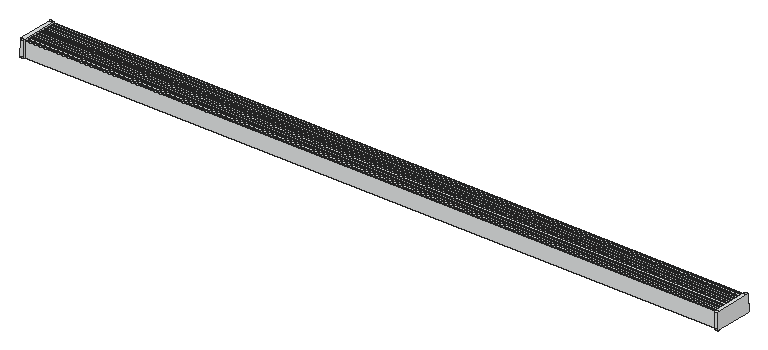
Revit family "Shower-Drain_Cover-KOHLER-Linear-K-80654_1", category Specialty Equipment, host Face, Revit 2017 (continued)
Definition of nested family "K-80654"
  Lines and regions (in)
    symbolic lines, detail levels medium+fine
      curve 588: line (-14.68558, -0.19, 0) -> (-14.68558, -0.05, 0)
      curve 589: line (-15.31713, -0.29, 0) -> (-14.68558, -0.29, 0)
      curve 590: line (-15.31713, -0.43, 0) -> (-14.68558, -0.43, 0)
      curve 591: line (-16.09332, -0.19, 0) -> (-15.42913, -0.19, 0)
      curve 592: line (-16.09332, -0.05, 0) -> (-15.42913, -0.05, 0)
      curve 593: line (-15.31713, -0.19, 0) -> (-14.68558, -0.19, 0)
      curve 594: line (-15.31713, -0.05, 0) -> (-14.68558, -0.05, 0)
      curve 595: line (-14.55541, 0.05, 0) -> (-14.55541, 0.19, 0)
      curve 596: line (-13.99954, 1.15, 0) -> (-14.45865, 1.15, 0)
      curve 597: line (-13.90042, 1.05088, 0) -> (-13.90042, 1.01, 0)
      curve 598: arc (-13.90042, 1.05088, 0) -> (-13.92945, 1.12097, 0) -> (-13.99954, 1.15, 0) r 0.09912
      curve 599: line (-13.90042, 0.91, 0) -> (-14.55541, 0.91, 0)
      curve 600: line (-14.55541, 1.01, 0) -> (-13.90042, 1.01, 0)
      curve 601: line (-13.90042, 0.91, 0) -> (-13.90042, 0.77, 0)
      curve 602: line (-13.90042, 0.67, 0) -> (-13.90042, 0.53, 0)
      curve 603: line (-14.55541, 0.77, 0) -> (-13.90042, 0.77, 0)
      curve 604: line (-14.55541, 0.77, 0) -> (-14.55541, 0.91, 0)
      curve 605: line (-14.55541, 0.67, 0) -> (-13.90042, 0.67, 0)
      curve 606: line (-14.55541, 0.53, 0) -> (-13.90042, 0.53, 0)
      curve 607: line (-13.90042, 0.43, 0) -> (-13.90042, 0.29, 0)
      curve 608: line (-14.55541, 0.53, 0) -> (-14.55541, 0.67, 0)
      curve 609: line (-14.55541, 0.29, 0) -> (-14.55541, 0.43, 0)
      curve 610: line (-13.90042, 0.19, 0) -> (-13.90042, 0.05, 0)
      curve 611: line (-14.55541, 0.29, 0) -> (-13.90042, 0.29, 0)
      curve 612: line (-14.55541, 0.43, 0) -> (-13.90042, 0.43, 0)
      curve 613: line (-14.55541, 0.19, 0) -> (-13.90042, 0.19, 0)
      curve 614: line (-14.55541, 0.05, 0) -> (-13.90042, 0.05, 0)
      curve 615: line (-14.55541, -0.05, 0) -> (-14.55541, -0.19, 0)
      curve 616: line (-13.99954, -1.15, 0) -> (-14.45714, -1.15, 0)
      curve 617: line (-13.90042, -1.05088, 0) -> (-13.90042, -1.01, 0)
      curve 618: arc (-13.90042, -1.05088, 0) -> (-13.92945, -1.12097, 0) -> (-13.99954, -1.15, 0) r 0.09912
      curve 619: line (-13.90042, -0.91, 0) -> (-14.55541, -0.91, 0)
      curve 620: line (-14.55541, -1.01, 0) -> (-13.90042, -1.01, 0)
      curve 621: line (-13.90042, -0.91, 0) -> (-13.90042, -0.77, 0)
      curve 622: line (-13.90042, -0.67, 0) -> (-13.90042, -0.53, 0)
      curve 623: line (-14.55541, -0.77, 0) -> (-13.90042, -0.77, 0)
      curve 624: line (-14.55541, -0.77, 0) -> (-14.55541, -0.91, 0)
      curve 625: line (-14.55541, -0.67, 0) -> (-13.90042, -0.67, 0)
      curve 626: line (-14.55541, -0.53, 0) -> (-13.90042, -0.53, 0)
      curve 627: line (-13.90042, -0.43, 0) -> (-13.90042, -0.29, 0)
      curve 628: line (-14.55541, -0.53, 0) -> (-14.55541, -0.67, 0)
      curve 629: line (-14.55541, -0.29, 0) -> (-14.55541, -0.43, 0)
      curve 630: line (-13.90042, -0.19, 0) -> (-13.90042, -0.05, 0)
      curve 631: line (-14.55541, -0.29, 0) -> (-13.90042, -0.29, 0)
      curve 632: line (-14.55541, -0.43, 0) -> (-13.90042, -0.43, 0)
      curve 633: line (-14.55541, -0.19, 0) -> (-13.90042, -0.19, 0)
      curve 634: line (-14.55541, -0.05, 0) -> (-13.90042, -0.05, 0)
      curve 635: line (-14.55541, -1.01, 0) -> (-14.55541, -1.05173, 0)
      curve 636: arc (-14.55541, -1.05173, 0) -> (-14.52663, -1.12122, 0) -> (-14.45714, -1.15, 0) r 0.09827
      curve 637: line (-14.55541, 1.01, 0) -> (-14.55541, 1.05324, 0)
      curve 638: arc (-14.55541, 1.05324, 0) -> (-14.52707, 1.12166, 0) -> (-14.45865, 1.15, 0) r 0.09676
      curve 639: line (-13.78675, 0.05, 0) -> (-13.78675, 0.19, 0)
      curve 640: line (-13.23089, 1.15, 0) -> (-13.68999, 1.15, 0)
      curve 641: line (-13.13177, 1.05088, 0) -> (-13.13177, 1.01, 0)
      curve 642: arc (-13.13177, 1.05088, 0) -> (-13.1608, 1.12097, 0) -> (-13.23089, 1.15, 0) r 0.09912
      curve 643: line (-13.13177, 0.91, 0) -> (-13.78675, 0.91, 0)
      curve 644: line (-13.78675, 1.01, 0) -> (-13.13177, 1.01, 0)
      curve 645: line (-13.13177, 0.91, 0) -> (-13.13177, 0.77, 0)
      curve 646: line (-13.13177, 0.67, 0) -> (-13.13177, 0.53, 0)
      curve 647: line (-13.78675, 0.77, 0) -> (-13.13177, 0.77, 0)
      curve 648: line (-13.78675, 0.77, 0) -> (-13.78675, 0.91, 0)
      curve 649: line (-13.78675, 0.67, 0) -> (-13.13177, 0.67, 0)
      curve 650: line (-13.78675, 0.53, 0) -> (-13.13177, 0.53, 0)
      curve 651: line (-13.13177, 0.43, 0) -> (-13.13177, 0.29, 0)
      curve 652: line (-13.78675, 0.53, 0) -> (-13.78675, 0.67, 0)
      curve 653: line (-13.78675, 0.29, 0) -> (-13.78675, 0.43, 0)
      curve 654: line (-13.13177, 0.19, 0) -> (-13.13177, 0.05, 0)
      curve 655: line (-13.78675, 0.29, 0) -> (-13.13177, 0.29, 0)
      curve 656: line (-13.78675, 0.43, 0) -> (-13.13177, 0.43, 0)
      curve 657: line (-13.78675, 0.19, 0) -> (-13.13177, 0.19, 0)
      curve 658: line (-13.78675, 0.05, 0) -> (-13.13177, 0.05, 0)
      curve 659: line (-13.78675, -0.05, 0) -> (-13.78675, -0.19, 0)
      curve 660: line (-13.23089, -1.15, 0) -> (-13.68848, -1.15, 0)
      curve 661: line (-13.13177, -1.05088, 0) -> (-13.13177, -1.01, 0)
      curve 662: arc (-13.13177, -1.05088, 0) -> (-13.1608, -1.12097, 0) -> (-13.23089, -1.15, 0) r 0.09912
      curve 663: line (-13.13177, -0.91, 0) -> (-13.78675, -0.91, 0)
      curve 664: line (-13.78675, -1.01, 0) -> (-13.13177, -1.01, 0)
      curve 665: line (-13.13177, -0.91, 0) -> (-13.13177, -0.77, 0)
      curve 666: line (-13.13177, -0.67, 0) -> (-13.13177, -0.53, 0)
      curve 667: line (-13.78675, -0.77, 0) -> (-13.13177, -0.77, 0)
      curve 668: line (-13.78675, -0.77, 0) -> (-13.78675, -0.91, 0)
      curve 669: line (-13.78675, -0.67, 0) -> (-13.13177, -0.67, 0)
      curve 670: line (-13.78675, -0.53, 0) -> (-13.13177, -0.53, 0)
      curve 671: line (-13.13177, -0.43, 0) -> (-13.13177, -0.29, 0)
      curve 672: line (-13.78675, -0.53, 0) -> (-13.78675, -0.67, 0)
      curve 673: line (-13.78675, -0.29, 0) -> (-13.78675, -0.43, 0)
      curve 674: line (-13.13177, -0.19, 0) -> (-13.13177, -0.05, 0)
      curve 675: line (-13.78675, -0.29, 0) -> (-13.13177, -0.29, 0)
      curve 676: line (-13.78675, -0.43, 0) -> (-13.13177, -0.43, 0)
      curve 677: line (-13.78675, -0.19, 0) -> (-13.13177, -0.19, 0)
      curve 678: line (-13.78675, -0.05, 0) -> (-13.13177, -0.05, 0)
      curve 679: line (-13.78675, -1.01, 0) -> (-13.78675, -1.05173, 0)
      curve 680: arc (-13.78675, -1.05173, 0) -> (-13.75797, -1.12122, 0) -> (-13.68848, -1.15, 0) r 0.09827
      curve 681: line (-13.78675, 1.01, 0) -> (-13.78675, 1.05324, 0)
      curve 682: arc (-13.78675, 1.05324, 0) -> (-13.75841, 1.12166, 0) -> (-13.68999, 1.15, 0) r 0.09676
      curve 683: line (-13.01791, 0.05, 0) -> (-13.01791, 0.19, 0)
      curve 684: line (-12.46204, 1.15, 0) -> (-12.92115, 1.15, 0)
      curve 685: line (-12.36292, 1.05088, 0) -> (-12.36292, 1.01, 0)
      curve 686: arc (-12.36292, 1.05088, 0) -> (-12.39195, 1.12097, 0) -> (-12.46204, 1.15, 0) r 0.09912
      curve 687: line (-12.36292, 0.91, 0) -> (-13.01791, 0.91, 0)
      curve 688: line (-13.01791, 1.01, 0) -> (-12.36292, 1.01, 0)
      curve 689: line (-12.36292, 0.91, 0) -> (-12.36292, 0.77, 0)
      curve 690: line (-12.36292, 0.67, 0) -> (-12.36292, 0.53, 0)
      curve 691: line (-13.01791, 0.77, 0) -> (-12.36292, 0.77, 0)
      curve 692: line (-13.01791, 0.77, 0) -> (-13.01791, 0.91, 0)
      curve 693: line (-13.01791, 0.67, 0) -> (-12.36292, 0.67, 0)
      curve 694: line (-13.01791, 0.53, 0) -> (-12.36292, 0.53, 0)
      curve 695: line (-12.36292, 0.43, 0) -> (-12.36292, 0.29, 0)
      curve 696: line (-13.01791, 0.53, 0) -> (-13.01791, 0.67, 0)
      curve 697: line (-13.01791, 0.29, 0) -> (-13.01791, 0.43, 0)
      curve 698: line (-12.36292, 0.19, 0) -> (-12.36292, 0.05, 0)
      curve 699: line (-13.01791, 0.29, 0) -> (-12.36292, 0.29, 0)
      curve 700: line (-13.01791, 0.43, 0) -> (-12.36292, 0.43, 0)
      curve 701: line (-13.01791, 0.19, 0) -> (-12.36292, 0.19, 0)
      curve 702: line (-13.01791, 0.05, 0) -> (-12.36292, 0.05, 0)
      curve 703: line (-13.01791, -0.05, 0) -> (-13.01791, -0.19, 0)
      curve 704: line (-12.46204, -1.15, 0) -> (-12.91964, -1.15, 0)
      curve 705: line (-12.36292, -1.05088, 0) -> (-12.36292, -1.01, 0)
      curve 706: arc (-12.36292, -1.05088, 0) -> (-12.39195, -1.12097, 0) -> (-12.46204, -1.15, 0) r 0.09912
      curve 707: line (-12.36292, -0.91, 0) -> (-13.01791, -0.91, 0)
      curve 708: line (-13.01791, -1.01, 0) -> (-12.36292, -1.01, 0)
      curve 709: line (-12.36292, -0.91, 0) -> (-12.36292, -0.77, 0)
      curve 710: line (-12.36292, -0.67, 0) -> (-12.36292, -0.53, 0)
      curve 711: line (-13.01791, -0.77, 0) -> (-12.36292, -0.77, 0)
      curve 712: line (-13.01791, -0.77, 0) -> (-13.01791, -0.91, 0)
      curve 713: line (-13.01791, -0.67, 0) -> (-12.36292, -0.67, 0)
      curve 714: line (-13.01791, -0.53, 0) -> (-12.36292, -0.53, 0)
      curve 715: line (-12.36292, -0.43, 0) -> (-12.36292, -0.29, 0)
      curve 716: line (-13.01791, -0.53, 0) -> (-13.01791, -0.67, 0)
      curve 717: line (-13.01791, -0.29, 0) -> (-13.01791, -0.43, 0)
      curve 718: line (-12.36292, -0.19, 0) -> (-12.36292, -0.05, 0)
      curve 719: line (-13.01791, -0.29, 0) -> (-12.36292, -0.29, 0)
      curve 720: line (-13.01791, -0.43, 0) -> (-12.36292, -0.43, 0)
      curve 721: line (-13.01791, -0.19, 0) -> (-12.36292, -0.19, 0)
      curve 722: line (-13.01791, -0.05, 0) -> (-12.36292, -0.05, 0)
      curve 723: line (-13.01791, -1.01, 0) -> (-13.01791, -1.05173, 0)
      curve 724: arc (-13.01791, -1.05173, 0) -> (-12.98912, -1.12122, 0) -> (-12.91964, -1.15, 0) r 0.09827
      curve 725: line (-13.01791, 1.01, 0) -> (-13.01791, 1.05324, 0)
      curve 726: arc (-13.01791, 1.05324, 0) -> (-12.98957, 1.12166, 0) -> (-12.92115, 1.15, 0) r 0.09676
      curve 727: line (-11.58485, 0.05, 0) -> (-11.58485, 0.19, 0)
      curve 728: arc (-11.58485, 0.83109, 0) -> (-11.59658, 0.87565, 0) -> (-11.6273, 0.91, 0) r 0.09854
      curve 729: arc (-11.6922, 1.01, 0) -> (-11.69514, 1.02893, 0) -> (-11.69588, 1.04807, 0) r 0.16707
      curve 730: line (-12.14853, 1.15, 0) -> (-11.79596, 1.15, 0)
      curve 731: arc (-12.24765, 1.05088, 0) -> (-12.21862, 1.12097, 0) -> (-12.14853, 1.15, 0) r 0.09912
      curve 732: arc (-11.79596, 1.15, 0) -> (-11.72454, 1.12003, 0) -> (-11.69588, 1.04807, 0) r 0.10009
      curve 733: arc (-11.44149, 1.01, 0) -> (-11.52885, 1.13911, 0) -> (-11.6162, 1.01, 0) r 0.09411
      curve 734: line (-11.47285, 0.05, 0) -> (-11.47285, 0.19, 0)
      curve 735: arc (-11.47285, 0.83109, 0) -> (-11.46111, 0.87565, 0) -> (-11.4304, 0.91, 0) r 0.09854
      curve 736: arc (-11.36549, 1.01, 0) -> (-11.36256, 1.02893, 0) -> (-11.36181, 1.04807, 0) r 0.16707
      curve 737: line (-10.94042, 1.15, 0) -> (-11.26174, 1.15, 0)
      curve 738: line (-10.8413, 1.05088, 0) -> (-10.8413, 1.01, 0)
      curve 739: arc (-10.8413, 1.05088, 0) -> (-10.87033, 1.12097, 0) -> (-10.94042, 1.15, 0) r 0.09912
      curve 740: arc (-11.26174, 1.15, 0) -> (-11.33316, 1.12003, 0) -> (-11.36181, 1.04807, 0) r 0.10009
      curve 741: line (-10.8413, 0.91, 0) -> (-11.4304, 0.91, 0)
      curve 742: line (-12.24903, 0.05, 0) -> (-12.24903, 0.19, 0)
      curve 743: line (-12.24903, 1.01, 0) -> (-11.6922, 1.01, 0)
      curve 744: line (-11.36549, 1.01, 0) -> (-10.8413, 1.01, 0)
      curve 745: line (-11.6162, 1.01, 0) -> (-11.44149, 1.01, 0)
      curve 746: line (-12.24903, 1.01, 0) -> (-12.24903, 1.05088, 0)
      curve 747: line (-10.8413, 0.91, 0) -> (-10.8413, 0.77, 0)
      curve 748: line (-12.24903, 0.77, 0) -> (-11.58485, 0.77, 0)
      curve 749: line (-11.6273, 0.91, 0) -> (-12.24903, 0.91, 0)
      curve 750: line (-10.8413, 0.67, 0) -> (-10.8413, 0.53, 0)
      curve 751: line (-11.47285, 0.77, 0) -> (-10.8413, 0.77, 0)
      curve 752: line (-11.58485, 0.77, 0) -> (-11.58485, 0.83109, 0)
      curve 753: line (-11.47285, 0.77, 0) -> (-11.47285, 0.83109, 0)
      curve 754: line (-12.24903, 0.77, 0) -> (-12.24903, 0.91, 0)
      curve 755: line (-12.24903, 0.67, 0) -> (-11.58485, 0.67, 0)
      curve 756: line (-12.24903, 0.53, 0) -> (-11.58485, 0.53, 0)
      curve 757: line (-11.47285, 0.67, 0) -> (-10.8413, 0.67, 0)
      curve 758: line (-11.47285, 0.53, 0) -> (-10.8413, 0.53, 0)
      curve 759: line (-12.24903, 0.53, 0) -> (-12.24903, 0.67, 0)
      curve 760: line (-10.8413, 0.43, 0) -> (-10.8413, 0.29, 0)
      curve 761: line (-11.47285, 0.53, 0) -> (-11.47285, 0.67, 0)
      curve 762: line (-11.58485, 0.53, 0) -> (-11.58485, 0.67, 0)
      curve 763: line (-12.24903, 0.43, 0) -> (-11.58485, 0.43, 0)
      curve 764: line (-12.24903, 0.29, 0) -> (-11.58485, 0.29, 0)
      curve 765: line (-12.24903, 0.29, 0) -> (-12.24903, 0.43, 0)
      curve 766: line (-11.58485, 0.29, 0) -> (-11.58485, 0.43, 0)
      curve 767: line (-11.47285, 0.29, 0) -> (-11.47285, 0.43, 0)
      curve 768: line (-10.8413, 0.19, 0) -> (-10.8413, 0.05, 0)
      curve 769: line (-11.47285, 0.29, 0) -> (-10.8413, 0.29, 0)
      curve 770: line (-11.47285, 0.43, 0) -> (-10.8413, 0.43, 0)
      curve 771: line (-12.24903, 0.19, 0) -> (-11.58485, 0.19, 0)
      curve 772: line (-12.24903, 0.05, 0) -> (-11.58485, 0.05, 0)
      curve 773: line (-11.47285, 0.19, 0) -> (-10.8413, 0.19, 0)
      curve 774: line (-11.47285, 0.05, 0) -> (-10.8413, 0.05, 0)
      curve 775: line (-11.58485, -0.05, 0) -> (-11.58485, -0.19, 0)
      curve 776: arc (-11.58485, -0.83109, 0) -> (-11.59658, -0.87565, 0) -> (-11.6273, -0.91, 0) r 0.09854
      curve 777: arc (-11.6922, -1.01, 0) -> (-11.69514, -1.02893, 0) -> (-11.69588, -1.04807, 0) r 0.16707
      curve 778: line (-12.14853, -1.15, 0) -> (-11.79596, -1.15, 0)
      curve 779: arc (-12.24765, -1.05088, 0) -> (-12.21862, -1.12097, 0) -> (-12.14853, -1.15, 0) r 0.09912
      curve 780: arc (-11.79596, -1.15, 0) -> (-11.72454, -1.12003, 0) -> (-11.69588, -1.04807, 0) r 0.10009
      curve 781: arc (-11.44149, -1.01, 0) -> (-11.52885, -1.13911, 0) -> (-11.6162, -1.01, 0) r 0.09411
      curve 782: line (-11.47285, -0.05, 0) -> (-11.47285, -0.19, 0)
      curve 783: arc (-11.47285, -0.83109, 0) -> (-11.46111, -0.87565, 0) -> (-11.4304, -0.91, 0) r 0.09854
      curve 784: arc (-11.36549, -1.01, 0) -> (-11.36256, -1.02893, 0) -> (-11.36181, -1.04807, 0) r 0.16707
      curve 785: line (-10.94042, -1.15, 0) -> (-11.26174, -1.15, 0)
      curve 786: line (-10.8413, -1.05088, 0) -> (-10.8413, -1.01, 0)
      curve 787: arc (-10.8413, -1.05088, 0) -> (-10.87033, -1.12097, 0) -> (-10.94042, -1.15, 0) r 0.09912
      curve 788: arc (-11.26174, -1.15, 0) -> (-11.33316, -1.12003, 0) -> (-11.36181, -1.04807, 0) r 0.10009
      curve 789: line (-10.8413, -0.91, 0) -> (-11.4304, -0.91, 0)
      curve 790: line (-12.24903, -0.05, 0) -> (-12.24903, -0.19, 0)
      curve 791: line (-12.24903, -1.01, 0) -> (-11.6922, -1.01, 0)
      curve 792: line (-11.36549, -1.01, 0) -> (-10.8413, -1.01, 0)
      curve 793: line (-11.6162, -1.01, 0) -> (-11.44149, -1.01, 0)
      curve 794: line (-12.24903, -1.01, 0) -> (-12.24903, -1.05088, 0)
      curve 795: line (-10.8413, -0.91, 0) -> (-10.8413, -0.77, 0)
      curve 796: line (-12.24903, -0.77, 0) -> (-11.58485, -0.77, 0)
      curve 797: line (-11.6273, -0.91, 0) -> (-12.24903, -0.91, 0)
      curve 798: line (-10.8413, -0.67, 0) -> (-10.8413, -0.53, 0)
      curve 799: line (-11.47285, -0.77, 0) -> (-10.8413, -0.77, 0)
      curve 800: line (-11.58485, -0.77, 0) -> (-11.58485, -0.83109, 0)
      curve 801: line (-11.47285, -0.77, 0) -> (-11.47285, -0.83109, 0)
      curve 802: line (-12.24903, -0.77, 0) -> (-12.24903, -0.91, 0)
      curve 803: line (-12.24903, -0.67, 0) -> (-11.58485, -0.67, 0)
      curve 804: line (-12.24903, -0.53, 0) -> (-11.58485, -0.53, 0)
      curve 805: line (-11.47285, -0.67, 0) -> (-10.8413, -0.67, 0)
      curve 806: line (-11.47285, -0.53, 0) -> (-10.8413, -0.53, 0)
      curve 807: line (-12.24903, -0.53, 0) -> (-12.24903, -0.67, 0)
      curve 808: line (-10.8413, -0.43, 0) -> (-10.8413, -0.29, 0)
      curve 809: line (-11.47285, -0.53, 0) -> (-11.47285, -0.67, 0)
      curve 810: line (-11.58485, -0.53, 0) -> (-11.58485, -0.67, 0)
      curve 811: line (-12.24903, -0.43, 0) -> (-11.58485, -0.43, 0)
      curve 812: line (-12.24903, -0.29, 0) -> (-11.58485, -0.29, 0)
      curve 813: line (-12.24903, -0.29, 0) -> (-12.24903, -0.43, 0)
      curve 814: line (-11.58485, -0.29, 0) -> (-11.58485, -0.43, 0)
      curve 815: line (-11.47285, -0.29, 0) -> (-11.47285, -0.43, 0)
      curve 816: line (-10.8413, -0.19, 0) -> (-10.8413, -0.05, 0)
      curve 817: line (-11.47285, -0.29, 0) -> (-10.8413, -0.29, 0)
      curve 818: line (-11.47285, -0.43, 0) -> (-10.8413, -0.43, 0)
      curve 819: line (-12.24903, -0.19, 0) -> (-11.58485, -0.19, 0)
      curve 820: line (-12.24903, -0.05, 0) -> (-11.58485, -0.05, 0)
      curve 821: line (-11.47285, -0.19, 0) -> (-10.8413, -0.19, 0)
      curve 822: line (-11.47285, -0.05, 0) -> (-10.8413, -0.05, 0)
      curve 823: line (-10.71113, 0.05, 0) -> (-10.71113, 0.19, 0)
      curve 824: line (-10.15526, 1.15, 0) -> (-10.61437, 1.15, 0)
      curve 825: line (-10.05614, 1.05088, 0) -> (-10.05614, 1.01, 0)
      curve 826: arc (-10.05614, 1.05088, 0) -> (-10.08517, 1.12097, 0) -> (-10.15526, 1.15, 0) r 0.09912
      curve 827: line (-10.05614, 0.91, 0) -> (-10.71113, 0.91, 0)
      curve 828: line (-10.71113, 1.01, 0) -> (-10.05614, 1.01, 0)
      curve 829: line (-10.05614, 0.91, 0) -> (-10.05614, 0.77, 0)
      curve 830: line (-10.05614, 0.67, 0) -> (-10.05614, 0.53, 0)
      curve 831: line (-10.71113, 0.77, 0) -> (-10.05614, 0.77, 0)
      curve 832: line (-10.71113, 0.77, 0) -> (-10.71113, 0.91, 0)
      curve 833: line (-10.71113, 0.67, 0) -> (-10.05614, 0.67, 0)
      curve 834: line (-10.71113, 0.53, 0) -> (-10.05614, 0.53, 0)
      curve 835: line (-10.05614, 0.43, 0) -> (-10.05614, 0.29, 0)
      curve 836: line (-10.71113, 0.53, 0) -> (-10.71113, 0.67, 0)
      curve 837: line (-10.71113, 0.29, 0) -> (-10.71113, 0.43, 0)
      curve 838: line (-10.05614, 0.19, 0) -> (-10.05614, 0.05, 0)
      curve 839: line (-10.71113, 0.29, 0) -> (-10.05614, 0.29, 0)
      curve 840: line (-10.71113, 0.43, 0) -> (-10.05614, 0.43, 0)
      curve 841: line (-10.71113, 0.19, 0) -> (-10.05614, 0.19, 0)
      curve 842: line (-10.71113, 0.05, 0) -> (-10.05614, 0.05, 0)
      curve 843: line (-10.71113, -0.05, 0) -> (-10.71113, -0.19, 0)
      curve 844: line (-10.15526, -1.15, 0) -> (-10.61286, -1.15, 0)
      curve 845: line (-10.05614, -1.05088, 0) -> (-10.05614, -1.01, 0)
      curve 846: arc (-10.05614, -1.05088, 0) -> (-10.08517, -1.12097, 0) -> (-10.15526, -1.15, 0) r 0.09912
      curve 847: line (-10.05614, -0.91, 0) -> (-10.71113, -0.91, 0)
      curve 848: line (-10.71113, -1.01, 0) -> (-10.05614, -1.01, 0)
      curve 849: line (-10.05614, -0.91, 0) -> (-10.05614, -0.77, 0)
      curve 850: line (-10.05614, -0.67, 0) -> (-10.05614, -0.53, 0)
      curve 851: line (-10.71113, -0.77, 0) -> (-10.05614, -0.77, 0)
      curve 852: line (-10.71113, -0.77, 0) -> (-10.71113, -0.91, 0)
      curve 853: line (-10.71113, -0.67, 0) -> (-10.05614, -0.67, 0)
      curve 854: line (-10.71113, -0.53, 0) -> (-10.05614, -0.53, 0)
      curve 855: line (-10.05614, -0.43, 0) -> (-10.05614, -0.29, 0)
      curve 856: line (-10.71113, -0.53, 0) -> (-10.71113, -0.67, 0)
      curve 857: line (-10.71113, -0.29, 0) -> (-10.71113, -0.43, 0)
      curve 858: line (-10.05614, -0.19, 0) -> (-10.05614, -0.05, 0)
      curve 859: line (-10.71113, -0.29, 0) -> (-10.05614, -0.29, 0)
      curve 860: line (-10.71113, -0.43, 0) -> (-10.05614, -0.43, 0)
      curve 861: line (-10.71113, -0.19, 0) -> (-10.05614, -0.19, 0)
      curve 862: line (-10.71113, -0.05, 0) -> (-10.05614, -0.05, 0)
      curve 863: line (-10.71113, -1.01, 0) -> (-10.71113, -1.05173, 0)
      curve 864: arc (-10.71113, -1.05173, 0) -> (-10.68235, -1.12122, 0) -> (-10.61286, -1.15, 0) r 0.09827
      curve 865: line (-10.71113, 1.01, 0) -> (-10.71113, 1.05324, 0)
      curve 866: arc (-10.71113, 1.05324, 0) -> (-10.68279, 1.12166, 0) -> (-10.61437, 1.15, 0) r 0.09676
      curve 867: line (-9.94247, 0.05, 0) -> (-9.94247, 0.19, 0)
      curve 868: line (-9.38661, 1.15, 0) -> (-9.84571, 1.15, 0)
      curve 869: line (-9.28749, 1.05088, 0) -> (-9.28749, 1.01, 0)
      curve 870: arc (-9.28749, 1.05088, 0) -> (-9.31652, 1.12097, 0) -> (-9.38661, 1.15, 0) r 0.09912
      curve 871: line (-9.28749, 0.91, 0) -> (-9.94247, 0.91, 0)
      curve 872: line (-9.94247, 1.01, 0) -> (-9.28749, 1.01, 0)
      curve 873: line (-9.28749, 0.91, 0) -> (-9.28749, 0.77, 0)
      curve 874: line (-9.28749, 0.67, 0) -> (-9.28749, 0.53, 0)
      curve 875: line (-9.94247, 0.77, 0) -> (-9.28749, 0.77, 0)
      curve 876: line (-9.94247, 0.77, 0) -> (-9.94247, 0.91, 0)
      curve 877: line (-9.94247, 0.67, 0) -> (-9.28749, 0.67, 0)
      curve 878: line (-9.94247, 0.53, 0) -> (-9.28749, 0.53, 0)
      curve 879: line (-9.28749, 0.43, 0) -> (-9.28749, 0.29, 0)
      curve 880: line (-9.94247, 0.53, 0) -> (-9.94247, 0.67, 0)
      curve 881: line (-9.94247, 0.29, 0) -> (-9.94247, 0.43, 0)
      curve 882: line (-9.28749, 0.19, 0) -> (-9.28749, 0.05, 0)
      curve 883: line (-9.94247, 0.29, 0) -> (-9.28749, 0.29, 0)
      curve 884: line (-9.94247, 0.43, 0) -> (-9.28749, 0.43, 0)
      curve 885: line (-9.94247, 0.19, 0) -> (-9.28749, 0.19, 0)
      curve 886: line (-9.94247, 0.05, 0) -> (-9.28749, 0.05, 0)
      curve 887: line (-9.94247, -0.05, 0) -> (-9.94247, -0.19, 0)
      curve 888: line (-9.38661, -1.15, 0) -> (-9.8442, -1.15, 0)
      curve 889: line (-9.28749, -1.05088, 0) -> (-9.28749, -1.01, 0)
      curve 890: arc (-9.28749, -1.05088, 0) -> (-9.31652, -1.12097, 0) -> (-9.38661, -1.15, 0) r 0.09912
      curve 891: line (-9.28749, -0.91, 0) -> (-9.94247, -0.91, 0)
      curve 892: line (-9.94247, -1.01, 0) -> (-9.28749, -1.01, 0)
      curve 893: line (-9.28749, -0.91, 0) -> (-9.28749, -0.77, 0)
      curve 894: line (-9.28749, -0.67, 0) -> (-9.28749, -0.53, 0)
      curve 895: line (-9.94247, -0.77, 0) -> (-9.28749, -0.77, 0)
      curve 896: line (-9.94247, -0.77, 0) -> (-9.94247, -0.91, 0)
      curve 897: line (-9.94247, -0.67, 0) -> (-9.28749, -0.67, 0)
      curve 898: line (-9.94247, -0.53, 0) -> (-9.28749, -0.53, 0)
      curve 899: line (-9.28749, -0.43, 0) -> (-9.28749, -0.29, 0)
      curve 900: line (-9.94247, -0.53, 0) -> (-9.94247, -0.67, 0)
      curve 901: line (-9.94247, -0.29, 0) -> (-9.94247, -0.43, 0)
      curve 902: line (-9.28749, -0.19, 0) -> (-9.28749, -0.05, 0)
      curve 903: line (-9.94247, -0.29, 0) -> (-9.28749, -0.29, 0)
      curve 904: line (-9.94247, -0.43, 0) -> (-9.28749, -0.43, 0)
      curve 905: line (-9.94247, -0.19, 0) -> (-9.28749, -0.19, 0)
      curve 906: line (-9.94247, -0.05, 0) -> (-9.28749, -0.05, 0)
      curve 907: line (-9.94247, -1.01, 0) -> (-9.94247, -1.05173, 0)
      curve 908: arc (-9.94247, -1.05173, 0) -> (-9.91369, -1.12122, 0) -> (-9.8442, -1.15, 0) r 0.09827
      curve 909: line (-9.94247, 1.01, 0) -> (-9.94247, 1.05324, 0)
      curve 910: arc (-9.94247, 1.05324, 0) -> (-9.91413, 1.12166, 0) -> (-9.84571, 1.15, 0) r 0.09676
      curve 911: line (-9.17362, 0.05, 0) -> (-9.17362, 0.19, 0)
      curve 912: line (-8.61776, 1.15, 0) -> (-9.07686, 1.15, 0)
      curve 913: line (-8.51864, 1.05088, 0) -> (-8.51864, 1.01, 0)
      curve 914: arc (-8.51864, 1.05088, 0) -> (-8.54767, 1.12097, 0) -> (-8.61776, 1.15, 0) r 0.09912
      curve 915: line (-8.51864, 0.91, 0) -> (-9.17362, 0.91, 0)
      curve 916: line (-9.17362, 1.01, 0) -> (-8.51864, 1.01, 0)
      curve 917: line (-8.51864, 0.91, 0) -> (-8.51864, 0.77, 0)
      curve 918: line (-8.51864, 0.67, 0) -> (-8.51864, 0.53, 0)
      curve 919: line (-9.17362, 0.77, 0) -> (-8.51864, 0.77, 0)
      curve 920: line (-9.17362, 0.77, 0) -> (-9.17362, 0.91, 0)
      curve 921: line (-9.17362, 0.67, 0) -> (-8.51864, 0.67, 0)
      curve 922: line (-9.17362, 0.53, 0) -> (-8.51864, 0.53, 0)
      curve 923: line (-8.51864, 0.43, 0) -> (-8.51864, 0.29, 0)
      curve 924: line (-9.17362, 0.53, 0) -> (-9.17362, 0.67, 0)
      curve 925: line (-9.17362, 0.29, 0) -> (-9.17362, 0.43, 0)
      curve 926: line (-8.51864, 0.19, 0) -> (-8.51864, 0.05, 0)
      curve 927: line (-9.17362, 0.29, 0) -> (-8.51864, 0.29, 0)
      curve 928: line (-9.17362, 0.43, 0) -> (-8.51864, 0.43, 0)
      curve 929: line (-9.17362, 0.19, 0) -> (-8.51864, 0.19, 0)
      curve 930: line (-9.17362, 0.05, 0) -> (-8.51864, 0.05, 0)
      curve 931: line (-9.17362, -0.05, 0) -> (-9.17362, -0.19, 0)
      curve 932: line (-8.61776, -1.15, 0) -> (-9.07535, -1.15, 0)
      curve 933: line (-8.51864, -1.05088, 0) -> (-8.51864, -1.01, 0)
      curve 934: arc (-8.51864, -1.05088, 0) -> (-8.54767, -1.12097, 0) -> (-8.61776, -1.15, 0) r 0.09912
      curve 935: line (-8.51864, -0.91, 0) -> (-9.17362, -0.91, 0)
      curve 936: line (-9.17362, -1.01, 0) -> (-8.51864, -1.01, 0)
      curve 937: line (-8.51864, -0.91, 0) -> (-8.51864, -0.77, 0)
      curve 938: line (-8.51864, -0.67, 0) -> (-8.51864, -0.53, 0)
      curve 939: line (-9.17362, -0.77, 0) -> (-8.51864, -0.77, 0)
      curve 940: line (-9.17362, -0.77, 0) -> (-9.17362, -0.91, 0)
      curve 941: line (-9.17362, -0.67, 0) -> (-8.51864, -0.67, 0)
      curve 942: line (-9.17362, -0.53, 0) -> (-8.51864, -0.53, 0)
      curve 943: line (-8.51864, -0.43, 0) -> (-8.51864, -0.29, 0)
      curve 944: line (-9.17362, -0.53, 0) -> (-9.17362, -0.67, 0)
      curve 945: line (-9.17362, -0.29, 0) -> (-9.17362, -0.43, 0)
      curve 946: line (-8.51864, -0.19, 0) -> (-8.51864, -0.05, 0)
      curve 947: line (-9.17362, -0.29, 0) -> (-8.51864, -0.29, 0)
      curve 948: line (-9.17362, -0.43, 0) -> (-8.51864, -0.43, 0)
      curve 949: line (-9.17362, -0.19, 0) -> (-8.51864, -0.19, 0)
      curve 950: line (-9.17362, -0.05, 0) -> (-8.51864, -0.05, 0)
      curve 951: line (-9.17362, -1.01, 0) -> (-9.17362, -1.05173, 0)
      curve 952: arc (-9.17362, -1.05173, 0) -> (-9.14484, -1.12122, 0) -> (-9.07535, -1.15, 0) r 0.09827
      curve 953: line (-9.17362, 1.01, 0) -> (-9.17362, 1.05324, 0)
      curve 954: arc (-9.17362, 1.05324, 0) -> (-9.14528, 1.12166, 0) -> (-9.07686, 1.15, 0) r 0.09676
      curve 955: line (-7.73889, 0.05, 0) -> (-7.73889, 0.19, 0)
      curve 956: arc (-7.73889, 0.83109, 0) -> (-7.75062, 0.87565, 0) -> (-7.78133, 0.91, 0) r 0.09854
      curve 957: arc (-7.84624, 1.01, 0) -> (-7.84918, 1.02893, 0) -> (-7.84992, 1.04807, 0) r 0.16707
      curve 958: line (-8.30257, 1.15, 0) -> (-7.95, 1.15, 0)
      curve 959: arc (-8.40169, 1.05088, 0) -> (-8.37265, 1.12097, 0) -> (-8.30257, 1.15, 0) r 0.09912
      curve 960: arc (-7.95, 1.15, 0) -> (-7.87857, 1.12003, 0) -> (-7.84992, 1.04807, 0) r 0.10009
      curve 961: arc (-7.59553, 1.01, 0) -> (-7.68289, 1.13911, 0) -> (-7.77024, 1.01, 0) r 0.09411
      curve 962: line (-7.62689, 0.05, 0) -> (-7.62689, 0.19, 0)
      curve 963: arc (-7.62689, 0.83109, 0) -> (-7.61515, 0.87565, 0) -> (-7.58444, 0.91, 0) r 0.09854
      curve 964: arc (-7.51953, 1.01, 0) -> (-7.51659, 1.02893, 0) -> (-7.51585, 1.04807, 0) r 0.16707
      curve 965: line (-7.09446, 1.15, 0) -> (-7.41578, 1.15, 0)
      curve 966: line (-6.99534, 1.05088, 0) -> (-6.99534, 1.01, 0)
      curve 967: arc (-6.99534, 1.05088, 0) -> (-7.02437, 1.12097, 0) -> (-7.09446, 1.15, 0) r 0.09912
      curve 968: arc (-7.41578, 1.15, 0) -> (-7.4872, 1.12003, 0) -> (-7.51585, 1.04807, 0) r 0.10009
      curve 969: line (-6.99534, 0.91, 0) -> (-7.58444, 0.91, 0)
      curve 970: line (-8.40307, 0.05, 0) -> (-8.40307, 0.19, 0)
      curve 971: line (-8.40307, 1.01, 0) -> (-7.84624, 1.01, 0)
      curve 972: line (-7.51953, 1.01, 0) -> (-6.99534, 1.01, 0)
      curve 973: line (-7.77024, 1.01, 0) -> (-7.59553, 1.01, 0)
      curve 974: line (-8.40307, 1.01, 0) -> (-8.40307, 1.05088, 0)
      curve 975: line (-6.99534, 0.91, 0) -> (-6.99534, 0.77, 0)
      curve 976: line (-8.40307, 0.77, 0) -> (-7.73889, 0.77, 0)
      curve 977: line (-7.78133, 0.91, 0) -> (-8.40307, 0.91, 0)
      curve 978: line (-6.99534, 0.67, 0) -> (-6.99534, 0.53, 0)
      curve 979: line (-7.62689, 0.77, 0) -> (-6.99534, 0.77, 0)
      curve 980: line (-7.73889, 0.77, 0) -> (-7.73889, 0.83109, 0)
      curve 981: line (-7.62689, 0.77, 0) -> (-7.62689, 0.83109, 0)
      curve 982: line (-8.40307, 0.77, 0) -> (-8.40307, 0.91, 0)
      curve 983: line (-8.40307, 0.67, 0) -> (-7.73889, 0.67, 0)
      curve 984: line (-8.40307, 0.53, 0) -> (-7.73889, 0.53, 0)
      curve 985: line (-7.62689, 0.67, 0) -> (-6.99534, 0.67, 0)
      curve 986: line (-7.62689, 0.53, 0) -> (-6.99534, 0.53, 0)
      curve 987: line (-8.40307, 0.53, 0) -> (-8.40307, 0.67, 0)
      curve 988: line (-6.99534, 0.43, 0) -> (-6.99534, 0.29, 0)
      curve 989: line (-7.62689, 0.53, 0) -> (-7.62689, 0.67, 0)
      curve 990: line (-7.73889, 0.53, 0) -> (-7.73889, 0.67, 0)
      curve 991: line (-8.40307, 0.43, 0) -> (-7.73889, 0.43, 0)
      curve 992: line (-8.40307, 0.29, 0) -> (-7.73889, 0.29, 0)
      curve 993: line (-8.40307, 0.29, 0) -> (-8.40307, 0.43, 0)
      curve 994: line (-7.73889, 0.29, 0) -> (-7.73889, 0.43, 0)
      curve 995: line (-7.62689, 0.29, 0) -> (-7.62689, 0.43, 0)
      curve 996: line (-6.99534, 0.19, 0) -> (-6.99534, 0.05, 0)
      curve 997: line (-7.62689, 0.29, 0) -> (-6.99534, 0.29, 0)
      curve 998: line (-7.62689, 0.43, 0) -> (-6.99534, 0.43, 0)
      curve 999: line (-8.40307, 0.19, 0) -> (-7.73889, 0.19, 0)
      curve 1000: line (-8.40307, 0.05, 0) -> (-7.73889, 0.05, 0)
      curve 1001: line (-7.62689, 0.19, 0) -> (-6.99534, 0.19, 0)
      curve 1002: line (-7.62689, 0.05, 0) -> (-6.99534, 0.05, 0)
      curve 1003: line (-7.73889, -0.05, 0) -> (-7.73889, -0.19, 0)
      curve 1004: arc (-7.73889, -0.83109, 0) -> (-7.75062, -0.87565, 0) -> (-7.78133, -0.91, 0) r 0.09854
      curve 1005: arc (-7.84624, -1.01, 0) -> (-7.84918, -1.02893, 0) -> (-7.84992, -1.04807, 0) r 0.16707
      curve 1006: line (-8.30257, -1.15, 0) -> (-7.95, -1.15, 0)
      curve 1007: arc (-8.40169, -1.05088, 0) -> (-8.37265, -1.12097, 0) -> (-8.30257, -1.15, 0) r 0.09912
      curve 1008: arc (-7.95, -1.15, 0) -> (-7.87857, -1.12003, 0) -> (-7.84992, -1.04807, 0) r 0.10009
      curve 1009: arc (-7.59553, -1.01, 0) -> (-7.68289, -1.13911, 0) -> (-7.77024, -1.01, 0) r 0.09411
      curve 1010: line (-7.62689, -0.05, 0) -> (-7.62689, -0.19, 0)
      curve 1011: arc (-7.62689, -0.83109, 0) -> (-7.61515, -0.87565, 0) -> (-7.58444, -0.91, 0) r 0.09854
      curve 1012: arc (-7.51953, -1.01, 0) -> (-7.51659, -1.02893, 0) -> (-7.51585, -1.04807, 0) r 0.16707
      curve 1013: line (-7.09446, -1.15, 0) -> (-7.41578, -1.15, 0)
      curve 1014: line (-6.99534, -1.05088, 0) -> (-6.99534, -1.01, 0)
      curve 1015: arc (-6.99534, -1.05088, 0) -> (-7.02437, -1.12097, 0) -> (-7.09446, -1.15, 0) r 0.09912
      curve 1016: arc (-7.41578, -1.15, 0) -> (-7.4872, -1.12003, 0) -> (-7.51585, -1.04807, 0) r 0.10009
      curve 1017: line (-6.99534, -0.91, 0) -> (-7.58444, -0.91, 0)
      curve 1018: line (-8.40307, -0.05, 0) -> (-8.40307, -0.19, 0)
      curve 1019: line (-8.40307, -1.01, 0) -> (-7.84624, -1.01, 0)
      curve 1020: line (-7.51953, -1.01, 0) -> (-6.99534, -1.01, 0)
      curve 1021: line (-7.77024, -1.01, 0) -> (-7.59553, -1.01, 0)
      curve 1022: line (-8.40307, -1.01, 0) -> (-8.40307, -1.05088, 0)
      curve 1023: line (-6.99534, -0.91, 0) -> (-6.99534, -0.77, 0)
      curve 1024: line (-8.40307, -0.77, 0) -> (-7.73889, -0.77, 0)
      curve 1025: line (-7.78133, -0.91, 0) -> (-8.40307, -0.91, 0)
      curve 1026: line (-6.99534, -0.67, 0) -> (-6.99534, -0.53, 0)
      curve 1027: line (-7.62689, -0.77, 0) -> (-6.99534, -0.77, 0)
      curve 1028: line (-7.73889, -0.77, 0) -> (-7.73889, -0.83109, 0)
      curve 1029: line (-7.62689, -0.77, 0) -> (-7.62689, -0.83109, 0)
      curve 1030: line (-8.40307, -0.77, 0) -> (-8.40307, -0.91, 0)
      curve 1031: line (-8.40307, -0.67, 0) -> (-7.73889, -0.67, 0)
      curve 1032: line (-8.40307, -0.53, 0) -> (-7.73889, -0.53, 0)
      curve 1033: line (-7.62689, -0.67, 0) -> (-6.99534, -0.67, 0)
      curve 1034: line (-7.62689, -0.53, 0) -> (-6.99534, -0.53, 0)
      curve 1035: line (-8.40307, -0.53, 0) -> (-8.40307, -0.67, 0)
      curve 1036: line (-6.99534, -0.43, 0) -> (-6.99534, -0.29, 0)
      curve 1037: line (-7.62689, -0.53, 0) -> (-7.62689, -0.67, 0)
      curve 1038: line (-7.73889, -0.53, 0) -> (-7.73889, -0.67, 0)
      curve 1039: line (-8.40307, -0.43, 0) -> (-7.73889, -0.43, 0)
      curve 1040: line (-8.40307, -0.29, 0) -> (-7.73889, -0.29, 0)
      curve 1041: line (-8.40307, -0.29, 0) -> (-8.40307, -0.43, 0)
      curve 1042: line (-7.73889, -0.29, 0) -> (-7.73889, -0.43, 0)
      curve 1043: line (-7.62689, -0.29, 0) -> (-7.62689, -0.43, 0)
      curve 1044: line (-6.99534, -0.19, 0) -> (-6.99534, -0.05, 0)
      curve 1045: line (-7.62689, -0.29, 0) -> (-6.99534, -0.29, 0)
      curve 1046: line (-7.62689, -0.43, 0) -> (-6.99534, -0.43, 0)
      curve 1047: line (-8.40307, -0.19, 0) -> (-7.73889, -0.19, 0)
      curve 1048: line (-8.40307, -0.05, 0) -> (-7.73889, -0.05, 0)
      curve 1049: line (-7.62689, -0.19, 0) -> (-6.99534, -0.19, 0)
      curve 1050: line (-7.62689, -0.05, 0) -> (-6.99534, -0.05, 0)
      curve 1051: line (-6.86517, 0.05, 0) -> (-6.86517, 0.19, 0)
      curve 1052: line (-6.3093, 1.15, 0) -> (-6.76841, 1.15, 0)
      curve 1053: line (-6.21018, 1.05088, 0) -> (-6.21018, 1.01, 0)
      curve 1054: arc (-6.21018, 1.05088, 0) -> (-6.23921, 1.12097, 0) -> (-6.3093, 1.15, 0) r 0.09912
      curve 1055: line (-6.21018, 0.91, 0) -> (-6.86517, 0.91, 0)
      curve 1056: line (-6.86517, 1.01, 0) -> (-6.21018, 1.01, 0)
      curve 1057: line (-6.21018, 0.91, 0) -> (-6.21018, 0.77, 0)
      curve 1058: line (-6.21018, 0.67, 0) -> (-6.21018, 0.53, 0)
      curve 1059: line (-6.86517, 0.77, 0) -> (-6.21018, 0.77, 0)
      curve 1060: line (-6.86517, 0.77, 0) -> (-6.86517, 0.91, 0)
      curve 1061: line (-6.86517, 0.67, 0) -> (-6.21018, 0.67, 0)
      curve 1062: line (-6.86517, 0.53, 0) -> (-6.21018, 0.53, 0)
      curve 1063: line (-6.21018, 0.43, 0) -> (-6.21018, 0.29, 0)
      curve 1064: line (-6.86517, 0.53, 0) -> (-6.86517, 0.67, 0)
      curve 1065: line (-6.86517, 0.29, 0) -> (-6.86517, 0.43, 0)
      curve 1066: line (-6.21018, 0.19, 0) -> (-6.21018, 0.05, 0)
      curve 1067: line (-6.86517, 0.29, 0) -> (-6.21018, 0.29, 0)
      curve 1068: line (-6.86517, 0.43, 0) -> (-6.21018, 0.43, 0)
      curve 1069: line (-6.86517, 0.19, 0) -> (-6.21018, 0.19, 0)
      curve 1070: line (-6.86517, 0.05, 0) -> (-6.21018, 0.05, 0)
      curve 1071: line (-6.86517, -0.05, 0) -> (-6.86517, -0.19, 0)
      curve 1072: line (-6.3093, -1.15, 0) -> (-6.7669, -1.15, 0)
      curve 1073: line (-6.21018, -1.05088, 0) -> (-6.21018, -1.01, 0)
      curve 1074: arc (-6.21018, -1.05088, 0) -> (-6.23921, -1.12097, 0) -> (-6.3093, -1.15, 0) r 0.09912
      curve 1075: line (-6.21018, -0.91, 0) -> (-6.86517, -0.91, 0)
      curve 1076: line (-6.86517, -1.01, 0) -> (-6.21018, -1.01, 0)
      curve 1077: line (-6.21018, -0.91, 0) -> (-6.21018, -0.77, 0)
      curve 1078: line (-6.21018, -0.67, 0) -> (-6.21018, -0.53, 0)
      curve 1079: line (-6.86517, -0.77, 0) -> (-6.21018, -0.77, 0)
      curve 1080: line (-6.86517, -0.77, 0) -> (-6.86517, -0.91, 0)
      curve 1081: line (-6.86517, -0.67, 0) -> (-6.21018, -0.67, 0)
      curve 1082: line (-6.86517, -0.53, 0) -> (-6.21018, -0.53, 0)
      curve 1083: line (-6.21018, -0.43, 0) -> (-6.21018, -0.29, 0)
      curve 1084: line (-6.86517, -0.53, 0) -> (-6.86517, -0.67, 0)
      curve 1085: line (-6.86517, -0.29, 0) -> (-6.86517, -0.43, 0)
      curve 1086: line (-6.21018, -0.19, 0) -> (-6.21018, -0.05, 0)
      curve 1087: line (-6.86517, -0.29, 0) -> (-6.21018, -0.29, 0)
      curve 1088: line (-6.86517, -0.43, 0) -> (-6.21018, -0.43, 0)
      curve 1089: line (-6.86517, -0.19, 0) -> (-6.21018, -0.19, 0)
      curve 1090: line (-6.86517, -0.05, 0) -> (-6.21018, -0.05, 0)
      curve 1091: line (-6.86517, -1.01, 0) -> (-6.86517, -1.05173, 0)
      curve 1092: arc (-6.86517, -1.05173, 0) -> (-6.83638, -1.12122, 0) -> (-6.7669, -1.15, 0) r 0.09827
      curve 1093: line (-6.86517, 1.01, 0) -> (-6.86517, 1.05324, 0)
      curve 1094: arc (-6.86517, 1.05324, 0) -> (-6.83683, 1.12166, 0) -> (-6.76841, 1.15, 0) r 0.09676
      curve 1095: line (-6.09651, 0.05, 0) -> (-6.09651, 0.19, 0)
      curve 1096: line (-5.54064, 1.15, 0) -> (-5.99975, 1.15, 0)
      curve 1097: line (-5.44152, 1.05088, 0) -> (-5.44152, 1.01, 0)
      curve 1098: arc (-5.44152, 1.05088, 0) -> (-5.47056, 1.12097, 0) -> (-5.54064, 1.15, 0) r 0.09912
      curve 1099: line (-5.44152, 0.91, 0) -> (-6.09651, 0.91, 0)
      curve 1100: line (-6.09651, 1.01, 0) -> (-5.44152, 1.01, 0)
      curve 1101: line (-5.44152, 0.91, 0) -> (-5.44152, 0.77, 0)
      curve 1102: line (-5.44152, 0.67, 0) -> (-5.44152, 0.53, 0)
      curve 1103: line (-6.09651, 0.77, 0) -> (-5.44152, 0.77, 0)
      curve 1104: line (-6.09651, 0.77, 0) -> (-6.09651, 0.91, 0)
      curve 1105: line (-6.09651, 0.67, 0) -> (-5.44152, 0.67, 0)
      curve 1106: line (-6.09651, 0.53, 0) -> (-5.44152, 0.53, 0)
      curve 1107: line (-5.44152, 0.43, 0) -> (-5.44152, 0.29, 0)
      curve 1108: line (-6.09651, 0.53, 0) -> (-6.09651, 0.67, 0)
      curve 1109: line (-6.09651, 0.29, 0) -> (-6.09651, 0.43, 0)
      curve 1110: line (-5.44152, 0.19, 0) -> (-5.44152, 0.05, 0)
      curve 1111: line (-6.09651, 0.29, 0) -> (-5.44152, 0.29, 0)
      curve 1112: line (-6.09651, 0.43, 0) -> (-5.44152, 0.43, 0)
      curve 1113: line (-6.09651, 0.19, 0) -> (-5.44152, 0.19, 0)
      curve 1114: line (-6.09651, 0.05, 0) -> (-5.44152, 0.05, 0)
      curve 1115: line (-6.09651, -0.05, 0) -> (-6.09651, -0.19, 0)
      curve 1116: line (-5.54064, -1.15, 0) -> (-5.99824, -1.15, 0)
      curve 1117: line (-5.44152, -1.05088, 0) -> (-5.44152, -1.01, 0)
      curve 1118: arc (-5.44152, -1.05088, 0) -> (-5.47056, -1.12097, 0) -> (-5.54064, -1.15, 0) r 0.09912
      curve 1119: line (-5.44152, -0.91, 0) -> (-6.09651, -0.91, 0)
      curve 1120: line (-6.09651, -1.01, 0) -> (-5.44152, -1.01, 0)
      curve 1121: line (-5.44152, -0.91, 0) -> (-5.44152, -0.77, 0)
      curve 1122: line (-5.44152, -0.67, 0) -> (-5.44152, -0.53, 0)
      curve 1123: line (-6.09651, -0.77, 0) -> (-5.44152, -0.77, 0)
      curve 1124: line (-6.09651, -0.77, 0) -> (-6.09651, -0.91, 0)
      curve 1125: line (-6.09651, -0.67, 0) -> (-5.44152, -0.67, 0)
      curve 1126: line (-6.09651, -0.53, 0) -> (-5.44152, -0.53, 0)
      curve 1127: line (-5.44152, -0.43, 0) -> (-5.44152, -0.29, 0)
      curve 1128: line (-6.09651, -0.53, 0) -> (-6.09651, -0.67, 0)
      curve 1129: line (-6.09651, -0.29, 0) -> (-6.09651, -0.43, 0)
      curve 1130: line (-5.44152, -0.19, 0) -> (-5.44152, -0.05, 0)
      curve 1131: line (-6.09651, -0.29, 0) -> (-5.44152, -0.29, 0)
      curve 1132: line (-6.09651, -0.43, 0) -> (-5.44152, -0.43, 0)
      curve 1133: line (-6.09651, -0.19, 0) -> (-5.44152, -0.19, 0)
      curve 1134: line (-6.09651, -0.05, 0) -> (-5.44152, -0.05, 0)
      curve 1135: line (-6.09651, -1.01, 0) -> (-6.09651, -1.05173, 0)
      curve 1136: arc (-6.09651, -1.05173, 0) -> (-6.06773, -1.12122, 0) -> (-5.99824, -1.15, 0) r 0.09827
      curve 1137: line (-6.09651, 1.01, 0) -> (-6.09651, 1.05324, 0)
      curve 1138: arc (-6.09651, 1.05324, 0) -> (-6.06817, 1.12166, 0) -> (-5.99975, 1.15, 0) r 0.09676
      curve 1139: line (-5.32766, 0.05, 0) -> (-5.32766, 0.19, 0)
      curve 1140: line (-4.7718, 1.15, 0) -> (-5.2309, 1.15, 0)
      curve 1141: line (-4.67268, 1.05088, 0) -> (-4.67268, 1.01, 0)
      curve 1142: arc (-4.67268, 1.05088, 0) -> (-4.70171, 1.12097, 0) -> (-4.7718, 1.15, 0) r 0.09912
      curve 1143: line (-4.67268, 0.91, 0) -> (-5.32766, 0.91, 0)
      curve 1144: line (-5.32766, 1.01, 0) -> (-4.67268, 1.01, 0)
      curve 1145: line (-4.67268, 0.91, 0) -> (-4.67268, 0.77, 0)
      curve 1146: line (-4.67268, 0.67, 0) -> (-4.67268, 0.53, 0)
      curve 1147: line (-5.32766, 0.77, 0) -> (-4.67268, 0.77, 0)
      curve 1148: line (-5.32766, 0.77, 0) -> (-5.32766, 0.91, 0)
      curve 1149: line (-5.32766, 0.67, 0) -> (-4.67268, 0.67, 0)
      curve 1150: line (-5.32766, 0.53, 0) -> (-4.67268, 0.53, 0)
      curve 1151: line (-4.67268, 0.43, 0) -> (-4.67268, 0.29, 0)
      curve 1152: line (-5.32766, 0.53, 0) -> (-5.32766, 0.67, 0)
      curve 1153: line (-5.32766, 0.29, 0) -> (-5.32766, 0.43, 0)
      curve 1154: line (-4.67268, 0.19, 0) -> (-4.67268, 0.05, 0)
      curve 1155: line (-5.32766, 0.29, 0) -> (-4.67268, 0.29, 0)
      curve 1156: line (-5.32766, 0.43, 0) -> (-4.67268, 0.43, 0)
      curve 1157: line (-5.32766, 0.19, 0) -> (-4.67268, 0.19, 0)
      curve 1158: line (-5.32766, 0.05, 0) -> (-4.67268, 0.05, 0)
      curve 1159: line (-5.32766, -0.05, 0) -> (-5.32766, -0.19, 0)
      curve 1160: line (-4.7718, -1.15, 0) -> (-5.22939, -1.15, 0)
      curve 1161: line (-4.67268, -1.05088, 0) -> (-4.67268, -1.01, 0)
      curve 1162: arc (-4.67268, -1.05088, 0) -> (-4.70171, -1.12097, 0) -> (-4.7718, -1.15, 0) r 0.09912
      curve 1163: line (-4.67268, -0.91, 0) -> (-5.32766, -0.91, 0)
      curve 1164: line (-5.32766, -1.01, 0) -> (-4.67268, -1.01, 0)
      curve 1165: line (-4.67268, -0.91, 0) -> (-4.67268, -0.77, 0)
      curve 1166: line (-4.67268, -0.67, 0) -> (-4.67268, -0.53, 0)
      curve 1167: line (-5.32766, -0.77, 0) -> (-4.67268, -0.77, 0)
      curve 1168: line (-5.32766, -0.77, 0) -> (-5.32766, -0.91, 0)
      curve 1169: line (-5.32766, -0.67, 0) -> (-4.67268, -0.67, 0)
      curve 1170: line (-5.32766, -0.53, 0) -> (-4.67268, -0.53, 0)
      curve 1171: line (-4.67268, -0.43, 0) -> (-4.67268, -0.29, 0)
      curve 1172: line (-5.32766, -0.53, 0) -> (-5.32766, -0.67, 0)
      curve 1173: line (-5.32766, -0.29, 0) -> (-5.32766, -0.43, 0)
      curve 1174: line (-4.67268, -0.19, 0) -> (-4.67268, -0.05, 0)
      curve 1175: line (-5.32766, -0.29, 0) -> (-4.67268, -0.29, 0)
      curve 1176: line (-5.32766, -0.43, 0) -> (-4.67268, -0.43, 0)
      curve 1177: line (-5.32766, -0.19, 0) -> (-4.67268, -0.19, 0)
      curve 1178: line (-5.32766, -0.05, 0) -> (-4.67268, -0.05, 0)
      curve 1179: line (-5.32766, -1.01, 0) -> (-5.32766, -1.05173, 0)
      curve 1180: arc (-5.32766, -1.05173, 0) -> (-5.29888, -1.12122, 0) -> (-5.22939, -1.15, 0) r 0.09827
      curve 1181: line (-5.32766, 1.01, 0) -> (-5.32766, 1.05324, 0)
      curve 1182: arc (-5.32766, 1.05324, 0) -> (-5.29932, 1.12166, 0) -> (-5.2309, 1.15, 0) r 0.09676
      curve 1183: line (-3.89361, 0.05, 0) -> (-3.89361, 0.19, 0)
      curve 1184: arc (-3.89361, 0.83109, 0) -> (-3.90535, 0.87565, 0) -> (-3.93606, 0.91, 0) r 0.09854
      curve 1185: arc (-4.00097, 1.01, 0) -> (-4.0039, 1.02893, 0) -> (-4.00465, 1.04807, 0) r 0.16707
      curve 1186: line (-4.45729, 1.15, 0) -> (-4.10472, 1.15, 0)
      curve 1187: arc (-4.55641, 1.05088, 0) -> (-4.52738, 1.12097, 0) -> (-4.45729, 1.15, 0) r 0.09912
      curve 1188: arc (-4.10472, 1.15, 0) -> (-4.0333, 1.12003, 0) -> (-4.00465, 1.04807, 0) r 0.10009
      curve 1189: arc (-3.75026, 1.01, 0) -> (-3.83761, 1.13911, 0) -> (-3.92497, 1.01, 0) r 0.09411
      curve 1190: line (-3.78161, 0.05, 0) -> (-3.78161, 0.19, 0)
      curve 1191: arc (-3.78161, 0.83109, 0) -> (-3.76988, 0.87565, 0) -> (-3.73916, 0.91, 0) r 0.09854
      curve 1192: arc (-3.67426, 1.01, 0) -> (-3.67132, 1.02893, 0) -> (-3.67058, 1.04807, 0) r 0.16707
      curve 1193: line (-3.24918, 1.15, 0) -> (-3.5705, 1.15, 0)
      curve 1194: line (-3.15006, 1.05088, 0) -> (-3.15006, 1.01, 0)
      curve 1195: arc (-3.15006, 1.05088, 0) -> (-3.17909, 1.12097, 0) -> (-3.24918, 1.15, 0) r 0.09912
      curve 1196: arc (-3.5705, 1.15, 0) -> (-3.64193, 1.12003, 0) -> (-3.67058, 1.04807, 0) r 0.10009
      curve 1197: line (-3.15006, 0.91, 0) -> (-3.73916, 0.91, 0)
      curve 1198: line (-4.5578, 0.05, 0) -> (-4.5578, 0.19, 0)
      curve 1199: line (-4.5578, 1.01, 0) -> (-4.00097, 1.01, 0)
      curve 1200: line (-3.67426, 1.01, 0) -> (-3.15006, 1.01, 0)
      curve 1201: line (-3.92497, 1.01, 0) -> (-3.75026, 1.01, 0)
      curve 1202: line (-4.5578, 1.01, 0) -> (-4.5578, 1.05088, 0)
      curve 1203: line (-3.15006, 0.91, 0) -> (-3.15006, 0.77, 0)
      curve 1204: line (-4.5578, 0.77, 0) -> (-3.89361, 0.77, 0)
      curve 1205: line (-3.93606, 0.91, 0) -> (-4.5578, 0.91, 0)
      curve 1206: line (-3.15006, 0.67, 0) -> (-3.15006, 0.53, 0)
      curve 1207: line (-3.78161, 0.77, 0) -> (-3.15006, 0.77, 0)
      curve 1208: line (-3.89361, 0.77, 0) -> (-3.89361, 0.83109, 0)
      curve 1209: line (-3.78161, 0.77, 0) -> (-3.78161, 0.83109, 0)
      curve 1210: line (-4.5578, 0.77, 0) -> (-4.5578, 0.91, 0)
      curve 1211: line (-4.5578, 0.67, 0) -> (-3.89361, 0.67, 0)
      curve 1212: line (-4.5578, 0.53, 0) -> (-3.89361, 0.53, 0)
      curve 1213: line (-3.78161, 0.67, 0) -> (-3.15006, 0.67, 0)
      curve 1214: line (-3.78161, 0.53, 0) -> (-3.15006, 0.53, 0)
      curve 1215: line (-4.5578, 0.53, 0) -> (-4.5578, 0.67, 0)
      curve 1216: line (-3.15006, 0.43, 0) -> (-3.15006, 0.29, 0)
      curve 1217: line (-3.78161, 0.53, 0) -> (-3.78161, 0.67, 0)
      curve 1218: line (-3.89361, 0.53, 0) -> (-3.89361, 0.67, 0)
      curve 1219: line (-4.5578, 0.43, 0) -> (-3.89361, 0.43, 0)
      curve 1220: line (-4.5578, 0.29, 0) -> (-3.89361, 0.29, 0)
      curve 1221: line (-4.5578, 0.29, 0) -> (-4.5578, 0.43, 0)
      curve 1222: line (-3.89361, 0.29, 0) -> (-3.89361, 0.43, 0)
      curve 1223: line (-3.78161, 0.29, 0) -> (-3.78161, 0.43, 0)
      curve 1224: line (-3.15006, 0.19, 0) -> (-3.15006, 0.05, 0)
      curve 1225: line (-3.78161, 0.29, 0) -> (-3.15006, 0.29, 0)
      curve 1226: line (-3.78161, 0.43, 0) -> (-3.15006, 0.43, 0)
      curve 1227: line (-4.5578, 0.19, 0) -> (-3.89361, 0.19, 0)
      curve 1228: line (-4.5578, 0.05, 0) -> (-3.89361, 0.05, 0)
      curve 1229: line (-3.78161, 0.19, 0) -> (-3.15006, 0.19, 0)
      curve 1230: line (-3.78161, 0.05, 0) -> (-3.15006, 0.05, 0)
      curve 1231: line (-3.89361, -0.05, 0) -> (-3.89361, -0.19, 0)
      curve 1232: arc (-3.89361, -0.83109, 0) -> (-3.90535, -0.87565, 0) -> (-3.93606, -0.91, 0) r 0.09854
      curve 1233: arc (-4.00097, -1.01, 0) -> (-4.0039, -1.02893, 0) -> (-4.00465, -1.04807, 0) r 0.16707
      curve 1234: line (-4.45729, -1.15, 0) -> (-4.10472, -1.15, 0)
      curve 1235: arc (-4.55641, -1.05088, 0) -> (-4.52738, -1.12097, 0) -> (-4.45729, -1.15, 0) r 0.09912
      curve 1236: arc (-4.10472, -1.15, 0) -> (-4.0333, -1.12003, 0) -> (-4.00465, -1.04807, 0) r 0.10009
      curve 1237: arc (-3.75026, -1.01, 0) -> (-3.83761, -1.13911, 0) -> (-3.92497, -1.01, 0) r 0.09411
      curve 1238: line (-3.78161, -0.05, 0) -> (-3.78161, -0.19, 0)
      curve 1239: arc (-3.78161, -0.83109, 0) -> (-3.76988, -0.87565, 0) -> (-3.73916, -0.91, 0) r 0.09854
      curve 1240: arc (-3.67426, -1.01, 0) -> (-3.67132, -1.02893, 0) -> (-3.67058, -1.04807, 0) r 0.16707
      curve 1241: line (-3.24918, -1.15, 0) -> (-3.5705, -1.15, 0)
      curve 1242: line (-3.15006, -1.05088, 0) -> (-3.15006, -1.01, 0)
      curve 1243: arc (-3.15006, -1.05088, 0) -> (-3.17909, -1.12097, 0) -> (-3.24918, -1.15, 0) r 0.09912
      curve 1244: arc (-3.5705, -1.15, 0) -> (-3.64193, -1.12003, 0) -> (-3.67058, -1.04807, 0) r 0.10009
      curve 1245: line (-3.15006, -0.91, 0) -> (-3.73916, -0.91, 0)
      curve 1246: line (-4.5578, -0.05, 0) -> (-4.5578, -0.19, 0)
      curve 1247: line (-4.5578, -1.01, 0) -> (-4.00097, -1.01, 0)
      curve 1248: line (-3.67426, -1.01, 0) -> (-3.15006, -1.01, 0)
      curve 1249: line (-3.92497, -1.01, 0) -> (-3.75026, -1.01, 0)
      curve 1250: line (-4.5578, -1.01, 0) -> (-4.5578, -1.05088, 0)
      curve 1251: line (-3.15006, -0.91, 0) -> (-3.15006, -0.77, 0)
      curve 1252: line (-4.5578, -0.77, 0) -> (-3.89361, -0.77, 0)
      curve 1253: line (-3.93606, -0.91, 0) -> (-4.5578, -0.91, 0)
      curve 1254: line (-3.15006, -0.67, 0) -> (-3.15006, -0.53, 0)
      curve 1255: line (-3.78161, -0.77, 0) -> (-3.15006, -0.77, 0)
      curve 1256: line (-3.89361, -0.77, 0) -> (-3.89361, -0.83109, 0)
      curve 1257: line (-3.78161, -0.77, 0) -> (-3.78161, -0.83109, 0)
      curve 1258: line (-4.5578, -0.77, 0) -> (-4.5578, -0.91, 0)
      curve 1259: line (-4.5578, -0.67, 0) -> (-3.89361, -0.67, 0)
      curve 1260: line (-4.5578, -0.53, 0) -> (-3.89361, -0.53, 0)
      curve 1261: line (-3.78161, -0.67, 0) -> (-3.15006, -0.67, 0)
      curve 1262: line (-3.78161, -0.53, 0) -> (-3.15006, -0.53, 0)
      curve 1263: line (-4.5578, -0.53, 0) -> (-4.5578, -0.67, 0)
      curve 1264: line (-3.15006, -0.43, 0) -> (-3.15006, -0.29, 0)
      curve 1265: line (-3.78161, -0.53, 0) -> (-3.78161, -0.67, 0)
      curve 1266: line (-3.89361, -0.53, 0) -> (-3.89361, -0.67, 0)
      curve 1267: line (-4.5578, -0.43, 0) -> (-3.89361, -0.43, 0)
      curve 1268: line (-4.5578, -0.29, 0) -> (-3.89361, -0.29, 0)
      curve 1269: line (-4.5578, -0.29, 0) -> (-4.5578, -0.43, 0)
      curve 1270: line (-3.89361, -0.29, 0) -> (-3.89361, -0.43, 0)
      curve 1271: line (-3.78161, -0.29, 0) -> (-3.78161, -0.43, 0)
      curve 1272: line (-3.15006, -0.19, 0) -> (-3.15006, -0.05, 0)
      curve 1273: line (-3.78161, -0.29, 0) -> (-3.15006, -0.29, 0)
      curve 1274: line (-3.78161, -0.43, 0) -> (-3.15006, -0.43, 0)
      curve 1275: line (-4.5578, -0.19, 0) -> (-3.89361, -0.19, 0)
      curve 1276: line (-4.5578, -0.05, 0) -> (-3.89361, -0.05, 0)
      curve 1277: line (-3.78161, -0.19, 0) -> (-3.15006, -0.19, 0)
      curve 1278: line (-3.78161, -0.05, 0) -> (-3.15006, -0.05, 0)
      curve 1279: line (-3.01989, 0.05, 0) -> (-3.01989, 0.19, 0)
      curve 1280: line (-2.46403, 1.15, 0) -> (-2.92313, 1.15, 0)
      curve 1281: line (-2.36491, 1.05088, 0) -> (-2.36491, 1.01, 0)
      curve 1282: arc (-2.36491, 1.05088, 0) -> (-2.39394, 1.12097, 0) -> (-2.46403, 1.15, 0) r 0.09912
      curve 1283: line (-2.36491, 0.91, 0) -> (-3.01989, 0.91, 0)
      curve 1284: line (-3.01989, 1.01, 0) -> (-2.36491, 1.01, 0)
      curve 1285: line (-2.36491, 0.91, 0) -> (-2.36491, 0.77, 0)
      curve 1286: line (-2.36491, 0.67, 0) -> (-2.36491, 0.53, 0)
      curve 1287: line (-3.01989, 0.77, 0) -> (-2.36491, 0.77, 0)
      curve 1288: line (-3.01989, 0.77, 0) -> (-3.01989, 0.91, 0)
      curve 1289: line (-3.01989, 0.67, 0) -> (-2.36491, 0.67, 0)
